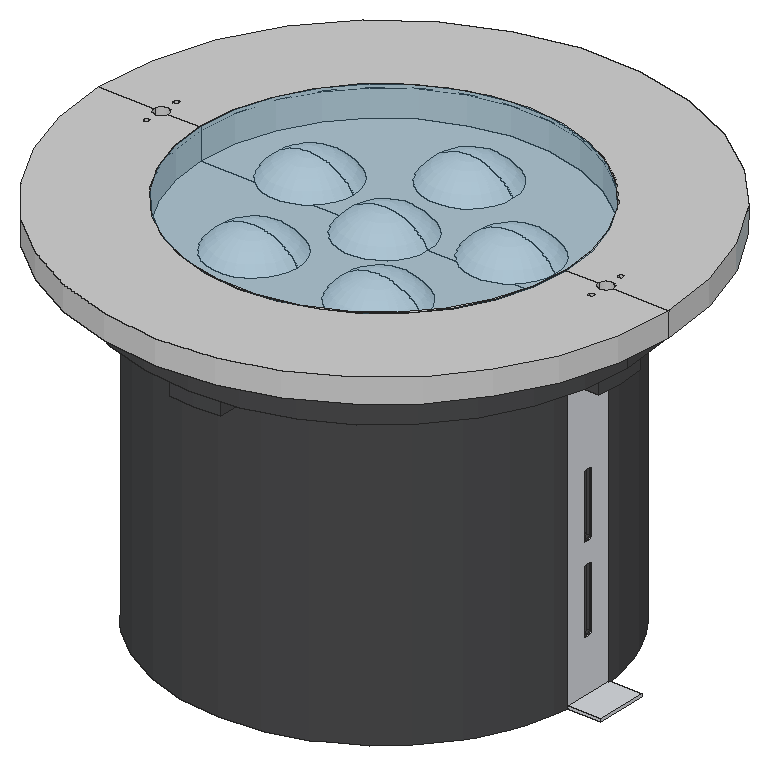
Revit family "INGROUND 18W SIMETRICA_EM18SW.1.15", category Luminarias, Revit 2019
Family settings
  Cota de conector redondo = Diámetro de uso
  Tipo de pieza = Normal
  Se basa en plano de trabajo = Sí
  Siempre vertical = No
  Corte con vacíos al cargar = No
  Origen de luz = Sí
  Compartido = No
  Punto de cálculo de habitación = No
Parameters (values of type "EMP_EM18SW.1.15")
  Ángulo de inclinación = 105.00°
  Ángulo de enfoque = 15.00°
  Ángulo de campo de foco = 15.00°
  Zone [instance] = ""
  Watt per fixture = 18.6
  Wattage = 18.6 W
  built-in parameter 1150107 = 3000 (stored number, unit not read)
  built-in parameter 1150110 = 1 (stored number, unit not read)
  built-in parameter 1150109 = 1 (stored number, unit not read)
  built-in parameter 1150112 = 1 (stored number, unit not read)
  built-in parameter 1150113 = 1 (stored number, unit not read)
  built-in parameter 1114218 = 1 (stored number, unit not read)
  Keynote = ""
  built-in parameter 1150137 = (empty or 0)
  built-in parameter 1150132 = (empty or 0)
  Modelo = "EM18SW.1.15"
  Lámpara = "NICHIA"
  Longitud de símbolo de origen de luz = 500 mm
  built-in parameter 1150105 = 41372.2 (stored number, unit not read)
  built-in parameter 1150102 = (empty or 0)
  built-in parameter 1150106 = 413.72 (stored number, unit not read)
  Lumens = 1604.99 lm
  Color Filter = 16777215
  built-in parameter 1114217 = 1 (stored number, unit not read)
  built-in parameter 1150139 = (empty or 0)
  Fabricante = "BRILLANT"
  Default Elevation = 0 mm
  built-in parameter 1150104 = 8.0166 (stored number, unit not read)
  Descripción = "LUMINARIA TIPO CIRCULAR PARA EMPOTRAR EN PISO CON CUERPO DE ALUMINIO FUNDIDO A PRESION CUBIERTO CON POLVO GRIS OSCURO, CON CUBIERTA DE ACERO INOXIDABLE Y VIDRIO TEMPLADO DE 8MM, HOUSING TIPO ABS DE 171.5MM DE DIAMETRO Y 123.6MM DE PROFUNDO. CUENTA CON 6 LED TIPO NICHIA CON UNA POTENCIA TOTAL DE 18.6W, A UNA TEMPERATURA EN BLANCO CALIDO 3000K CON 1605 LUMENES, 156mA EN CORRIENTE DE OPERACIÓN, IP67, IK09, IRC 80, DISPONIBLE PARA ATENUAR EN TRIAC (OPCIONAL), APERTURA EN 15 GRADOS POR PROYECTO, ALIMENTADA A 100-277V"
  built-in parameter 1150115 = 1 (stored number, unit not read)
  built-in parameter 1150114 = 1 (stored number, unit not read)
  Comentarios de vataje = "100-277V"
  built-in parameter 1150138 = (empty or 0)
  built-in parameter 1150134 = (empty or 0)
  Circuit [instance] = ""
  Dimming Lamp Color Temperature Shift = (empty or 0)
  built-in parameter 1150133 = 10 (stored number, unit not read)
Reference planes
  plane 1 "Centro (Frontal/Posterior)": y = 0
  plane 2: z = 0
  plane 3 "Centro (Izquierda/Derecha)": x = 0
  plane 4: z = -123.6
  plane 5: x = -653.678
  plane 6: x = 600
  plane 7: x = -90
  plane 8: x = 90
  plane 9: x = -78
  plane 10: x = 78
Forms (mm)
  Revolve 1, solid, material "Acero Inoxidable"
    sketch origin (0, 0, 0) x (1, 0, 0) y (0, 0, 1)
      loop
        line (-64.334, 7.629) -> (-100, 7.629) -> (-100, -0.88) -> (-72.479, -0.88) -> (-72.479, -12.767) -> (-57.479, -12.767) -> (-57.479, -60) -> (0, -60) -> (0, -3.134) -> (-64.334, -3.134) -> (-64.334, 7.629)
      axis (0, 7.629) -> (0, -60)
    angle from 0 to 360
  Extrusion 2, solid, material "Cristal"
    sketch origin (0, 0, 0) x (1, 0, 0) y (0, 1, 0)
      loop
        circle (0, 0) r 64.334
    from 6.498 to 7.824
  Extrusion 3, solid, material "Plastico"
    sketch origin (0, 0, 0) x (1, 0, 0) y (0, 1, 0)
      loop
        circle (0, 0) r 10
    from -75.376 to -67.99
  Extrusion 4, solid, material "Cobre"
    sketch origin (0, 0, 0) x (1, 0, 0) y (0, 1, 0)
      loop
        line (12.101, 0) -> (6.051, 10.48) -> (-6.051, 10.48) -> (-12.101, 0) -> (-6.051, -10.48) -> (6.051, -10.48) -> (12.101, 0)
    from -67.99 to -60
  Revolve 5, solid, material "Plastico"
    sketch origin (0, 0, 0) x (1, 0, 0) y (0, 0, 1)
      loop
        line (-85.75, -0.88) -> (-85.75, -15.267) -> (-72.423, -15.267) -> (-72.423, -123.6) -> (0, -123.6) -> (0, -121.1) -> (-69.88, -121.1) -> (-69.88, -12.767) -> (-83.293, -12.767) -> (-83.293, -0.88) -> (-85.75, -0.88)
      axis (0, -0.88) -> (0, -123.6)
    angle from 0 to 360
  Extrusion 6, solid, material "Plastico"
    sketch origin (0, 0, 0) x (1, 0, 0) y (0, 1, 0)
      loop
        line (-9, -71.918) -> (-9, -82.576)
        arc (-9, -82.576) -> (-0.003, -83.209) -> (9, -82.666) r 69.169
        line (9, -82.666) -> (9, -71.918)
        arc (9, -71.918) -> (0, -72.479) -> (-9, -71.918) r 72.479
      loop
        arc (-9, 71.918) -> (0, 72.479) -> (9, 71.918) r 72.479
        line (9, 71.918) -> (9, 82.666)
        arc (9, 82.666) -> (-0.003, 83.209) -> (-9, 82.576) r 69.169
        line (-9, 82.576) -> (-9, 71.918)
      loop
        line (71.917, -8.997) -> (82.575, -8.997)
        arc (82.575, -8.997) -> (83.209, 0) -> (82.666, 9.003) r 69.169
        line (82.666, 9.003) -> (71.917, 9.003)
        arc (71.917, 9.003) -> (72.478, 0.003) -> (71.917, -8.997) r 72.479
      loop
        arc (-71.917, -8.997) -> (-72.478, 0.003) -> (-71.917, 9.003) r 72.479
        line (-71.917, 9.003) -> (-82.666, 9.003)
        arc (-82.666, 9.003) -> (-83.209, 0) -> (-82.575, -8.997) r 69.169
        line (-82.575, -8.997) -> (-71.917, -8.997)
    from -21.197 to -15.267
  Extrusion 7, void
    sketch origin (0, 0, 0) x (1, 0, 0) y (0, 1, 0)
      loop
        line (-74.25, 9.003) -> (-74.25, -8.997) -> (-70.806, -8.997) -> (-70.806, 9.003) -> (-74.25, 9.003)
      loop
        line (74.25, 9.003) -> (70.806, 9.003) -> (70.806, -8.997) -> (74.25, -8.997) -> (74.25, 9.003)
    from -123.6 to -21.197
  Extrusion 8, void
    sketch origin (0, 0, 0) x (1, 0, 0) y (0, 1, 0)
      loop
        circle (-78, 6.504) r 0.895
      loop
        circle (-78, 0) r 2.557
      loop
        circle (-78, -6.504) r 0.895
      loop
        circle (78, 6.504) r 0.895
      loop
        circle (78, 0) r 2.557
      loop
        circle (78, -6.504) r 0.895
    from -3.838 to 7.824
  Revolve 9, solid
    sketch origin (31.265, 37.192, -3.091) x (-1, 0, 0) y (0, 0, 1)
      loop
        line (31.083, 0) -> (46.481, 0)
        arc (46.481, 0) -> (39.824, 6.053) -> (31.083, 8.187) r 18.242
        line (31.083, 8.187) -> (31.083, 0)
      axis (31.083, 8.187) -> (31.083, 0)
    angle from 0 to 360
  Extrusion 10, solid
    sketch origin (0, 0, 0) x (1, 0, 0) y (0, 0, 1)
      loop
        line (-70.806, -21.197) -> (-71.606, -21.197) -> (-71.606, -122.8) -> (-83.232, -122.8) -> (-83.232, -123.6) -> (-70.806, -123.6) -> (-70.806, -21.197)
      loop
        line (70.806, -21.197) -> (70.806, -123.6) -> (83.232, -123.6) -> (83.232, -122.8) -> (71.606, -122.8) -> (71.606, -21.197) -> (70.806, -21.197)
    from -9.003 to 8.997
  Extrusion 11, void
    sketch origin (0, 0, 0) x (0, 1, 0) y (0, 0, 1)
      loop
        line (1.004, -51.93) -> (-1.004, -51.93)
        arc (-1.004, -51.93) -> (-1.62, -52.185) -> (-1.875, -52.801) r 0.871
        line (-1.875, -52.801) -> (-1.875, -73.895)
        arc (-1.875, -73.895) -> (-1.62, -74.511) -> (-1.004, -74.766) r 0.871
        line (-1.004, -74.766) -> (1.004, -74.766)
        arc (1.004, -74.766) -> (1.62, -74.511) -> (1.875, -73.895) r 0.871
        line (1.875, -73.895) -> (1.875, -52.801)
        arc (1.875, -52.801) -> (1.62, -52.185) -> (1.004, -51.93) r 0.871
      loop
        line (1.004, -81.93) -> (-1.004, -81.93)
        arc (-1.004, -81.93) -> (-1.62, -82.185) -> (-1.875, -82.801) r 0.871
        line (-1.875, -82.801) -> (-1.875, -103.895)
        arc (-1.875, -103.895) -> (-1.62, -104.511) -> (-1.004, -104.766) r 0.871
        line (-1.004, -104.766) -> (1.004, -104.766)
        arc (1.004, -104.766) -> (1.62, -104.511) -> (1.875, -103.895) r 0.871
        line (1.875, -103.895) -> (1.875, -82.801)
        arc (1.875, -82.801) -> (1.62, -82.185) -> (1.004, -81.93) r 0.871
    from -74.158 to -68.356
  Extrusion 12, void
    sketch origin (0, 0, 0) x (0, 1, 0) y (0, 0, -1)
      loop
        arc (1.004, 51.93) -> (1.62, 52.185) -> (1.875, 52.801) r 0.871
        line (1.875, 52.801) -> (1.875, 73.895)
        arc (1.875, 73.895) -> (1.62, 74.511) -> (1.004, 74.766) r 0.871
        line (1.004, 74.766) -> (-1.004, 74.766)
        arc (-1.004, 74.766) -> (-1.62, 74.511) -> (-1.875, 73.895) r 0.871
        line (-1.875, 73.895) -> (-1.875, 52.801)
        arc (-1.875, 52.801) -> (-1.62, 52.185) -> (-1.004, 51.93) r 0.871
        line (-1.004, 51.93) -> (1.004, 51.93)
      loop
        arc (1.004, 81.93) -> (1.62, 82.185) -> (1.875, 82.801) r 0.871
        line (1.875, 82.801) -> (1.875, 103.895)
        arc (1.875, 103.895) -> (1.62, 104.511) -> (1.004, 104.766) r 0.871
        line (1.004, 104.766) -> (-1.004, 104.766)
        arc (-1.004, 104.766) -> (-1.62, 104.511) -> (-1.875, 103.895) r 0.871
        line (-1.875, 103.895) -> (-1.875, 82.801)
        arc (-1.875, 82.801) -> (-1.62, 82.185) -> (-1.004, 81.93) r 0.871
        line (-1.004, 81.93) -> (1.004, 81.93)
    from -74.158 to -68.356
  Revolve 13, solid
    sketch origin (66.637, 11.493, -3.091) x (-1, 0, 0) y (0, 0, 1)
      loop
        line (31.083, 0) -> (46.481, 0)
        arc (46.481, 0) -> (39.824, 6.053) -> (31.083, 8.187) r 18.242
        line (31.083, 8.187) -> (31.083, 0)
      axis (31.083, 8.187) -> (31.083, 0)
    angle from 0 to 360
  Revolve 14, solid
    sketch origin (53.126, -30.089, -3.091) x (-1, 0, 0) y (0, 0, 1)
      loop
        line (31.083, 0) -> (46.481, 0)
        arc (46.481, 0) -> (39.824, 6.053) -> (31.083, 8.187) r 18.242
        line (31.083, 8.187) -> (31.083, 0)
      axis (31.083, 8.187) -> (31.083, 0)
    angle from 0 to 360
  Revolve 15, solid
    sketch origin (9.405, -30.089, -3.091) x (-1, 0, 0) y (0, 0, 1)
      loop
        line (31.083, 0) -> (46.481, 0)
        arc (46.481, 0) -> (39.824, 6.053) -> (31.083, 8.187) r 18.242
        line (31.083, 8.187) -> (31.083, 0)
      axis (31.083, 8.187) -> (31.083, 0)
    angle from 0 to 360
  Revolve 16, solid
    sketch origin (-4.106, 11.493, -3.091) x (-1, 0, 0) y (0, 0, 1)
      loop
        line (31.083, 0) -> (46.481, 0)
        arc (46.481, 0) -> (39.824, 6.053) -> (31.083, 8.187) r 18.242
        line (31.083, 8.187) -> (31.083, 0)
      axis (31.083, 8.187) -> (31.083, 0)
    angle from 0 to 360
  Revolve 17, solid
    sketch origin (31.265, 0, -3.091) x (-1, 0, 0) y (0, 0, 1)
      loop
        line (31.083, 0) -> (46.481, 0)
        arc (46.481, 0) -> (39.824, 6.053) -> (31.083, 8.187) r 18.242
        line (31.083, 8.187) -> (31.083, 0)
      axis (31.083, 8.187) -> (31.083, 0)
    angle from 0 to 360
Cuts and joins
  Extrusion 7, Extrusion 12 cuts Revolve 5
  Extrusion 7, Extrusion 8, Extrusion 11 cuts Revolve 1
  Extrusion 11 cuts Extrusion 3
  Extrusion 11 cuts Extrusion 4
  Extrusion 11, Extrusion 12 cuts Extrusion 10
Dimensions and locks
  plane 2 to plane 4 = 123.6 mm
  level to plane 4 = 123.6 mm
  equal spacing: plane 7, plane 3 "Centro (Izquierda/Derecha)", plane 8
  plane 7 to plane 3 "Centro (Izquierda/Derecha)" = 90 mm
  plane 7 to plane 8 = 180 mm
  level to Extrusion 3 = 75.376 mm
  plane 8 to plane 7 = 180 mm
  equal spacing: plane 10, plane 3 "Centro (Izquierda/Derecha)", plane 9
  plane 3 "Centro (Izquierda/Derecha)" to plane 9 = 78 mm
  plane 10 to plane 9 = 156 mm
  plane 3 "Centro (Izquierda/Derecha)" to Revolve 5 sketch curve = 85.75 mm
  Revolve 1 sketch curve to Revolve 1 sketch curve = 100 mm
  aligned and locked: level to plane 2
Automatic sketch dimensions
  Revolve 1 sketch curve to plane 3 "Centro (Izquierda/Derecha)" = 0 mm  (x2)
  Revolve 1 sketch curve to level = 0.88 mm
  plane 9 to Revolve 1 sketch curve = 5.521 mm
  Revolve 1 sketch curve to level = 3.134 mm
  Revolve 1 sketch curve to Revolve 1 sketch curve = 8.145 mm
  Revolve 1 sketch curve to Revolve 1 sketch curve = 6.855 mm
  Revolve 1 sketch curve to Revolve 1 sketch curve = 9.634 mm
  Revolve 1 sketch curve to Revolve 1 sketch curve = 56.866 mm
  level to Revolve 1 sketch curve = 7.629 mm
  Revolve 1 sketch curve to Revolve 1 sketch curve = 17 mm
  level to Revolve 1 sketch curve = 40 mm
  plane 1 "Centro (Frontal/Posterior)" to Extrusion 2 sketch curve = 0 mm
  Extrusion 2 sketch curve to plane 3 "Centro (Izquierda/Derecha)" = 0 mm
  plane 1 "Centro (Frontal/Posterior)" to Extrusion 3 sketch curve = 0 mm
  Extrusion 3 sketch curve to plane 3 "Centro (Izquierda/Derecha)" = 0 mm
  Revolve 5 sketch curve to plane 4 = 0 mm
  Revolve 5 sketch curve to plane 3 "Centro (Izquierda/Derecha)" = 0 mm  (x2)
  Revolve 5 sketch curve to Revolve 5 sketch curve = 2.457 mm
  plane 9 to Revolve 5 sketch curve = 5.577 mm
  Revolve 5 sketch curve to Revolve 5 sketch curve = 2.544 mm
  plane 4 to Revolve 5 sketch curve = 2.5 mm
  Revolve 5 sketch curve to level = 15.267 mm
  Revolve 5 sketch curve to Revolve 5 sketch curve = 2.5 mm
  Revolve 5 sketch curve to level = 0.88 mm
  Revolve 5 sketch curve to plane 4 = 33.38 mm
  level to Revolve 5 sketch curve = 26.62 mm
  Extrusion 6 sketch curve to Extrusion 6 sketch curve = 0 mm  (x2)
  plane 1 "Centro (Frontal/Posterior)" to Extrusion 6 sketch curve = 0 mm
  Extrusion 6 sketch curve to plane 3 "Centro (Izquierda/Derecha)" = 0 mm  (x2)
  Extrusion 6 sketch curve to plane 3 "Centro (Izquierda/Derecha)" = 9 mm  (x2)
  Extrusion 6 sketch curve to plane 1 "Centro (Frontal/Posterior)" = 0.349 mm  (x2)
  Extrusion 6 sketch curve to plane 3 "Centro (Izquierda/Derecha)" = 14.041 mm
  plane 9 to Extrusion 6 sketch curve = 6.083 mm  (x2)
  Extrusion 6 sketch curve to plane 9 = 4.575 mm
  Extrusion 6 sketch curve to plane 9 = 4.666 mm
  plane 3 "Centro (Izquierda/Derecha)" to Extrusion 6 sketch curve = 0 mm
  plane 3 "Centro (Izquierda/Derecha)" to Extrusion 6 sketch curve = 0.346 mm  (x2)
  plane 3 "Centro (Izquierda/Derecha)" to Extrusion 6 sketch curve = 9 mm  (x2)
  plane 3 "Centro (Izquierda/Derecha)" to Extrusion 6 sketch curve = 14.041 mm
  Extrusion 6 sketch curve to plane 10 = 6.083 mm  (x2)
  plane 10 to Extrusion 6 sketch curve = 4.575 mm
  plane 10 to Extrusion 6 sketch curve = 4.666 mm
  plane 1 "Centro (Frontal/Posterior)" to Extrusion 6 sketch curve = 8.997 mm  (x2)
  plane 1 "Centro (Frontal/Posterior)" to Extrusion 6 sketch curve = 14.041 mm
  Extrusion 6 sketch curve to Extrusion 6 sketch curve = 57.877 mm  (x2)
  Extrusion 6 sketch curve to Extrusion 6 sketch curve = 10.658 mm  (x2)
  Extrusion 6 sketch curve to plane 1 "Centro (Frontal/Posterior)" = 14.041 mm
  plane 9 to Extrusion 7 sketch curve = 3.75 mm
  Extrusion 7 sketch curve to Extrusion 7 sketch curve = 3.444 mm  (x2)
  Extrusion 7 sketch curve to plane 10 = 7.194 mm
  plane 1 "Centro (Frontal/Posterior)" to Extrusion 7 sketch curve = 8.997 mm  (x2)
  Extrusion 7 sketch curve to plane 1 "Centro (Frontal/Posterior)" = 9.003 mm  (x2)
  plane 1 "Centro (Frontal/Posterior)" to Extrusion 8 sketch curve = 0 mm  (x2)
  Extrusion 8 sketch curve to plane 9 = 0 mm  (x3)
  Extrusion 8 sketch curve to plane 10 = 0 mm  (x3)
  plane 1 "Centro (Frontal/Posterior)" to Extrusion 8 sketch curve = 6.504 mm  (x2)
  Extrusion 8 sketch curve to plane 1 "Centro (Frontal/Posterior)" = 6.504 mm  (x2)
  plane 3 "Centro (Izquierda/Derecha)" to Revolve 9 sketch curve = 0.182 mm  (x2)
  plane 3 "Centro (Izquierda/Derecha)" to Revolve 9 sketch curve = 0.006 mm
  Revolve 9 sketch curve to level = 3.091 mm
  Revolve 9 sketch curve to plane 3 "Centro (Izquierda/Derecha)" = 15.216 mm
  Revolve 9 sketch curve to Revolve 9 sketch curve = 10.054 mm
  Revolve 9 sketch curve to Revolve 9 sketch curve = 1.925 mm
  Revolve 9 sketch curve to Revolve 9 sketch curve = 3.67 mm
  Extrusion 10 sketch curve to plane 4 = 0 mm  (x2)
  plane 4 to Extrusion 10 sketch curve = 0.8 mm  (x2)
  Extrusion 10 sketch curve to plane 9 = 5.232 mm
  plane 9 to Extrusion 10 sketch curve = 6.394 mm
  Extrusion 10 sketch curve to Extrusion 10 sketch curve = 0.8 mm  (x2)
  Extrusion 10 sketch curve to plane 10 = 7.194 mm
  plane 10 to Extrusion 10 sketch curve = 5.232 mm
  Extrusion 10 sketch curve to level = 21.197 mm  (x2)
  plane 1 "Centro (Frontal/Posterior)" to Extrusion 11 sketch curve = 1.875 mm  (x2)
  Extrusion 11 sketch curve to Extrusion 11 sketch curve = 0.871 mm  (x4)
  plane 1 "Centro (Frontal/Posterior)" to Extrusion 11 sketch curve = 1.004 mm  (x2)
  Extrusion 11 sketch curve to plane 1 "Centro (Frontal/Posterior)" = 1.004 mm  (x4)
  plane 4 to Extrusion 11 sketch curve = 18.834 mm
  Extrusion 11 sketch curve to Extrusion 11 sketch curve = 21.095 mm  (x2)
  Extrusion 11 sketch curve to Extrusion 11 sketch curve = 7.164 mm
  plane 1 "Centro (Frontal/Posterior)" to Extrusion 12 sketch curve = 1.875 mm  (x2)
  Extrusion 12 sketch curve to Extrusion 12 sketch curve = 0.871 mm  (x4)
  plane 1 "Centro (Frontal/Posterior)" to Extrusion 12 sketch curve = 1.004 mm  (x2)
  Extrusion 12 sketch curve to plane 1 "Centro (Frontal/Posterior)" = 1.004 mm  (x4)
  Extrusion 12 sketch curve to level = 51.93 mm
  Extrusion 12 sketch curve to Extrusion 12 sketch curve = 21.095 mm
  Extrusion 12 sketch curve to Extrusion 12 sketch curve = 7.164 mm
  plane 4 to Extrusion 12 sketch curve = 19.705 mm
  Revolve 13 sketch curve to level = 3.091 mm
  plane 3 "Centro (Izquierda/Derecha)" to Revolve 13 sketch curve = 35.554 mm
  Revolve 13 sketch curve to Revolve 13 sketch curve = 0.176 mm
  Revolve 13 sketch curve to Revolve 13 sketch curve = 15.398 mm
  Revolve 13 sketch curve to Revolve 13 sketch curve = 10.054 mm
  Revolve 13 sketch curve to Revolve 13 sketch curve = 0 mm
  Revolve 13 sketch curve to Revolve 13 sketch curve = 1.925 mm
  Revolve 13 sketch curve to Revolve 13 sketch curve = 3.67 mm
  Revolve 14 sketch curve to level = 3.091 mm
  plane 3 "Centro (Izquierda/Derecha)" to Revolve 14 sketch curve = 22.043 mm
  Revolve 14 sketch curve to Revolve 14 sketch curve = 0.176 mm
  plane 3 "Centro (Izquierda/Derecha)" to Revolve 14 sketch curve = 6.645 mm
  Revolve 14 sketch curve to Revolve 14 sketch curve = 10.054 mm
  Revolve 14 sketch curve to Revolve 14 sketch curve = 0 mm
  Revolve 14 sketch curve to Revolve 14 sketch curve = 1.925 mm
  Revolve 14 sketch curve to Revolve 14 sketch curve = 3.67 mm
  Revolve 15 sketch curve to level = 3.091 mm
  Revolve 15 sketch curve to plane 3 "Centro (Izquierda/Derecha)" = 21.679 mm
  Revolve 15 sketch curve to Revolve 15 sketch curve = 0.176 mm
  Revolve 15 sketch curve to Revolve 15 sketch curve = 15.398 mm
  Revolve 15 sketch curve to Revolve 15 sketch curve = 10.054 mm
  Revolve 15 sketch curve to Revolve 15 sketch curve = 0 mm
  Revolve 15 sketch curve to Revolve 15 sketch curve = 1.925 mm
  Revolve 15 sketch curve to Revolve 15 sketch curve = 3.67 mm
  Revolve 16 sketch curve to level = 3.091 mm
  Revolve 16 sketch curve to plane 3 "Centro (Izquierda/Derecha)" = 35.19 mm
  Revolve 16 sketch curve to Revolve 16 sketch curve = 0.176 mm
  Revolve 16 sketch curve to Revolve 16 sketch curve = 15.398 mm
  Revolve 16 sketch curve to Revolve 16 sketch curve = 10.054 mm
  Revolve 16 sketch curve to Revolve 16 sketch curve = 0 mm
  Revolve 16 sketch curve to Revolve 16 sketch curve = 1.925 mm
  Revolve 16 sketch curve to Revolve 16 sketch curve = 3.67 mm
  plane 3 "Centro (Izquierda/Derecha)" to Revolve 17 sketch curve = 0.182 mm  (x2)
  plane 3 "Centro (Izquierda/Derecha)" to Revolve 17 sketch curve = 0.006 mm
  Revolve 17 sketch curve to level = 3.091 mm
  Revolve 17 sketch curve to plane 3 "Centro (Izquierda/Derecha)" = 15.216 mm
  Revolve 17 sketch curve to Revolve 17 sketch curve = 10.054 mm
  Revolve 17 sketch curve to Revolve 17 sketch curve = 1.925 mm
  Revolve 17 sketch curve to Revolve 17 sketch curve = 3.67 mm
  radius of Extrusion 2 sketch curve = 64.334 mm
  radius of Extrusion 3 sketch curve = 10 mm
  radius of Extrusion 8 sketch curve = 0.895 mm  (x4)
  radius of Extrusion 8 sketch curve = 2.557 mm  (x2)
Connectors
  electrical at (0, 0, -121.1)
    settings: on cut or joined group of Revolve 5, Extrusion 7, Extrusion 12, index 1, voltage 277 V, apparent load 0 VA, apparent load phase1 0 VA, apparent load phase2 0 VA, apparent load phase3 0 VA, power factor 1, load classification "Otro", number of poles 1, system type 31, power factor state 1, is connector primary yes, connector utility no, sub classification motor no, connector description ""
